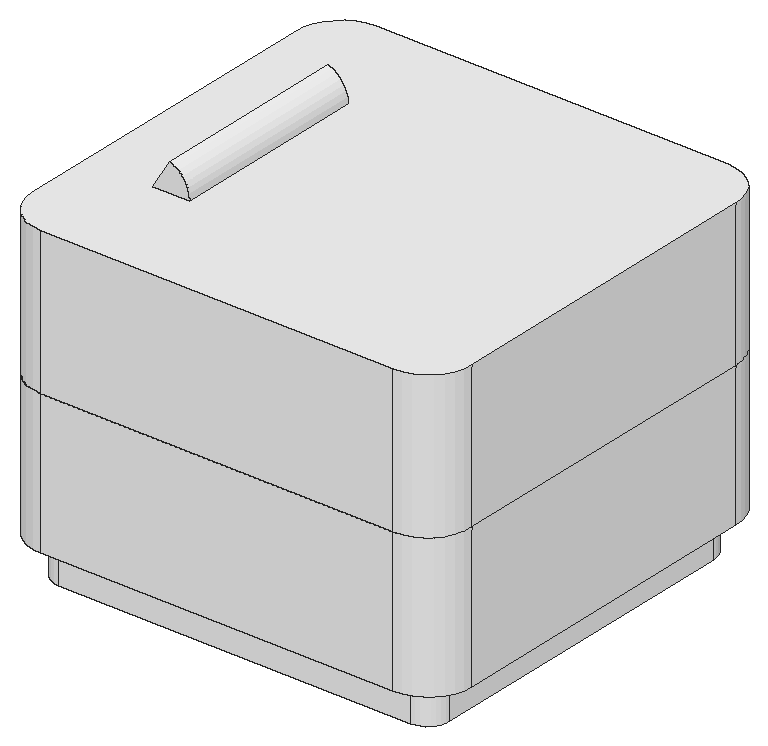
Revit family "Gira_017530", category Electrical Fixtures, host Face, Revit 2017
Family settings
  Host = Face
  Maintain Annotation Orientation = Yes
  Round Connector Dimension = Use Diameter
  Part Type = Normal
  Cut with Voids When Loaded = No
  Shared = No
  Room Calculation Point = No
Parameters
  Überspannungsschutz = "No"
  Werkstoffgüte = "sonstige"
  Werkstoff = "sonstige"
  Verdrehter Zentraleinsatz = "No"
  URL = "http://katalog.gira.de/de_DE/datenblatt.html?artikelnr=017530"
  Transparent = "No"
  Textfeld/Beschriftungsfläche = "Yes"
  Sonderstromversorgung = "ohne Sonderstromversorgung"
  Schutzleiterkontakt rund = "No"
  Schutzkontakt = "Yes"
  Region = "DE"
  Oberfläche = "sonstige"
  Nennstrom = "16 Ampere"
  Nennspannung = "250 Volt"
  Name = "SCHUKO KD + BSF ammoniak WG AP Grau"
  Montageart = "auf Putz"
  Mit erhöhtem Berührungsschutz = "No"
  Mit eingebauter USB-Spannungsversorgung = "No"
  Mit Signallampe = "No"
  Mit Orientierungsbeleuchtung = "No"
  Mit Klappdeckel = "Yes"
  Mit Funktionsbeleuchtung = "No"
  Mit Feinsicherung = "No"
  Mit Ein-/Ausschalter = "No"
  Mit Durchschleiffunktion = "No"
  Manufacturer URL = "https://www.gira.de/"
  Keynote = "IP44_Komplettgerät_Steckdose"
  Isolierter Einbau = "No"
  HeinzeBIM = "https://bimportal.heinze.de/bim/schuko-kd-bsf-ammoniak-wg-ap-grau/17e8b8f445b0aab9c18f1957aee502c0d31ff675"
  Halogenfrei = "No"
  HAN = "017530"
  Gerätetiefe = "0.03 m"
  Geeignet für Schutzart (IP) = "IP44"
  GTIN = "4010337175308"
  Für "erschwerte Bedingungen" (nach VDE) = "No"
  Fehlerstromschutz = "No"
  Farbe = "grau"
  Default Elevation = 1219.2 mm
  Data sheet (1) = "https://katalog.gira.de/de_DE/download.html?artikelnr=017530"
  Category = "Steckdose"
  Befestigungsart = "Befestigung mit Schraube"
  Available = "Yes"
  Auswurfmechanismus = "No"
  Ausführung = "Schuko"
  Aufdruck/Kennzeichnung = "ohne Aufdruck"
  Anzahl der Steckdosen schaltbar = "0 "
  Anzahl der Module (bei Modulbauweise) = "1 "
  Anzahl der Einheiten = "1 "
  Antibakterielle Behandlung = "No"
  Anschlussart = "Steckklemme"
  Abschließbar = "No"
Reference planes
  plane 1 "Center (Front/Back)": y = 0
  plane 2: z = 0
  plane 3 "Center (Left/Right)": x = 0
Forms (mm)
  Extrusion 1, solid, material "White", detail levels fine
    sketch origin (41, 0, 0) x (1, 0, 0) y (0, 1, 0)
      loop
        line (-9, 38) -> (-73, 38)
        arc (-73, 38) -> (-78.657, 35.657) -> (-81, 30) r 8
        line (-81, 30) -> (-81, -30)
        arc (-81, -30) -> (-78.657, -35.657) -> (-73, -38) r 8
        line (-73, -38) -> (-9, -38)
        arc (-9, -38) -> (-3.343, -35.657) -> (-1, -30) r 8
        line (-1, -30) -> (-1, 30)
        arc (-1, 30) -> (-3.343, 35.657) -> (-9, 38) r 8
    from 0 to 26
  Extrusion 2, solid, material "White", detail levels fine
    sketch origin (41, 0, 0) x (1, 0, 0) y (0, 1, 0)
      loop
        line (-9, 38) -> (-73, 38)
        arc (-73, 38) -> (-78.657, 35.657) -> (-81, 30) r 8
        line (-81, 30) -> (-81, -30)
        arc (-81, -30) -> (-78.657, -35.657) -> (-73, -38) r 8
        line (-73, -38) -> (-9, -38)
        arc (-9, -38) -> (-3.343, -35.657) -> (-1, -30) r 8
        line (-1, -30) -> (-1, 30)
        arc (-1, 30) -> (-3.343, 35.657) -> (-9, 38) r 8
    from 26 to 52.5
  Extrusion 3, solid, material "White", detail levels fine
    sketch origin (41, 0, 0) x (1, 0, 0) y (0, 0, 1)
      loop
        line (-68.7, 52.5) -> (-62.067, 52.5)
        arc (-62.067, 52.5) -> (-63.019, 55.628) -> (-65.7, 57.5) r 5
        line (-65.7, 57.5) -> (-68.7, 52.5)
    from 18 to -18
  Extrusion 4, solid, material "White", detail levels medium
    sketch origin (41, -5.734, 0) x (1, 0, 0) y (0, 1, 0)
      loop
        line (-9, 43.734) -> (-73, 43.734)
        arc (-73, 43.734) -> (-78.657, 41.391) -> (-81, 35.734) r 8
        line (-81, 35.734) -> (-81, -24.266)
        arc (-81, -24.266) -> (-78.657, -29.923) -> (-73, -32.266) r 8
        line (-73, -32.266) -> (-9, -32.266)
        arc (-9, -32.266) -> (-3.343, -29.923) -> (-1, -24.266) r 8
        line (-1, -24.266) -> (-1, 35.734)
        arc (-1, 35.734) -> (-3.343, 41.391) -> (-9, 43.734) r 8
    from 0 to 52.5
  Extrusion 5, solid, material "White", detail levels medium
    sketch origin (41, 0, 0) x (1, 0, 0) y (0, 0, 1)
      loop
        line (-68.7, 57.5) -> (-68.7, 52.5) -> (-62.067, 52.5) -> (-62.067, 57.5) -> (-68.7, 57.5)
    from -18 to 18
  Extrusion 6, solid, material "White", detail levels coarse
    sketch origin (41, 0, 0) x (1, 0, 0) y (0, 1, 0)
      loop
        line (-1, 38) -> (-81, 38) -> (-81, -38) -> (-1, -38) -> (-1, 38)
    from -7 to 57.5
  Extrusion 7, solid, material "White", detail levels medium+fine
    sketch origin (41, 0, 0) x (1, 0, 0) y (0, 1, 0)
      loop
        line (-9, 34) -> (-73, 34)
        arc (-73, 34) -> (-75.828, 32.828) -> (-77, 30) r 4
        line (-77, 30) -> (-77, -30)
        arc (-77, -30) -> (-75.828, -32.828) -> (-73, -34) r 4
        line (-73, -34) -> (-9, -34)
        arc (-9, -34) -> (-6.172, -32.828) -> (-5, -30) r 4
        line (-5, -30) -> (-5, 30)
        arc (-5, 30) -> (-6.172, 32.828) -> (-9, 34) r 4
    from 0 to -7
Dimensions and locks
  Extrusion 6 to plane 3 "Center (Left/Right)" to Extrusion 6 = 40 mm, 40 mm
  aligned and locked: plane 2 to host face
  aligned and locked: level to host face
  aligned and locked: plane 3 "Center (Left/Right)" to nested 1
  aligned and locked: plane 1 "Center (Front/Back)" to nested 1
Nested families
  nested 1: "Steckdose 1-fach Beschriftung" at (0, 0, 0), type "Steckdose 1-fach Beschriftung"
Connectors
  electrical at (0, 0, -7)
    settings: on Extrusion 7, index 1, voltage 220 V, apparent load 0 VA, apparent load phase1 0 VA, apparent load phase2 0 VA, apparent load phase3 0 VA, power factor 1, load classification "Other", number of poles 1, system type 31, power factor state 1, is connector primary yes, connector utility no, sub classification motor no, connector description ""
Definition of nested family "Steckdose 1-fach Beschriftung"
  Reference planes
    plane 1: y = 0
    plane 2: x = 0
  Lines and regions (mm)
    detail lines
      curve 1: line (0, 0, 0) -> (0, 2, 0)
      curve 3: line (0, 2, 0) -> (-1, 2, 0)
      curve 4: arc (1, 3, 0) -> (0, 2, 0) -> (-1, 3, 0) r 1
      curve 5: line (0, 2, 0) -> (1, 2, 0)
    reference lines
      curve 2: line (-0.485, 3, 0) -> (2.315, 3, 0)
  Dimensions and locks
    curve 1 to curve 1 = 2 mm
    plane 1 to curve 2 = 3 mm
    curve 3 to curve 3 = 1 mm
